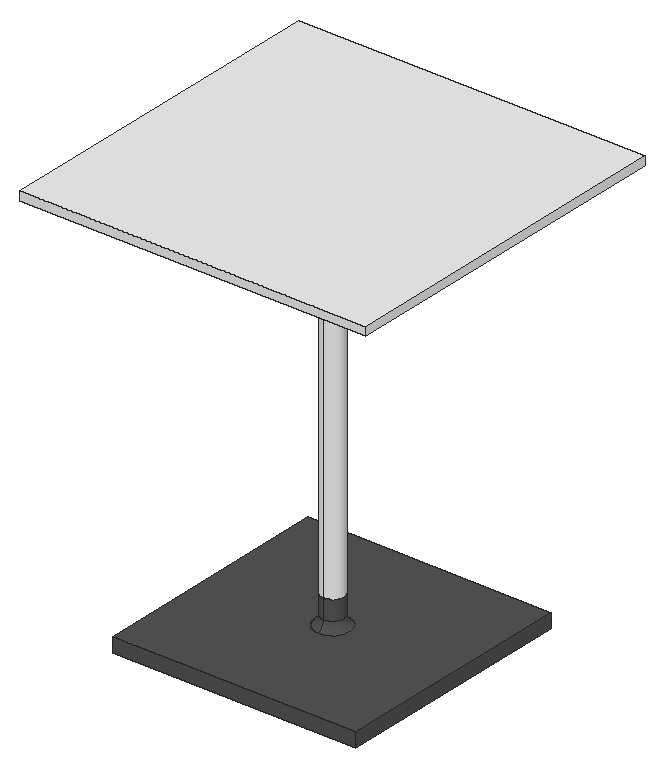
Revit family
Parameters (values of type "CAFESQ-23")
  Width = 23.50"
  Weight (lbs) = 41
  Warranties = "7 Year Warranty"  # constant formula
  URL = "www.emeco.net"
  Trolly for tow Stacks = "N/A"  # constant formula
  Stackable = "Does Not Stack"  # constant formula
  Spinneybeck Volo Leather = "N/A"  # constant formula
  Sound Attenuation Pad = ""
  Product Name = "Square Brushed Café Table"  # constant formula
  Outdoor Warranty = "7 Year Warranty"  # constant formula
  Model = "CAFESQ-23"  # constant formula
  Manufacturer = "Emeco"  # constant formula
  Integrated Felt Glide = "N/A"  # constant formula
  Height = 28.50"
  Frame Material = "EMECO-Recycled Aluminum"  # constant formula
  Frame Finish = EMECO-Hand Brushed
  Fire Retardant Seat Pad = "N/A"  # constant formula
  Fire Retardant = "Certified Acc To Bs And Cal133"  # constant formula
  Depth = 23.50"
  Created by = "Contino"  # constant formula
  Collaborator = ""
  Base Finish = EMECO-Cast Aluminium-Black
  BIFMA = "Yes"  # constant formula
  Assembly Code = "E2020200"
Reference planes (in)
  plane 1 "Back 1": y = 0
  plane 2 "Top/Bottom": z = 0
  plane 3 "Center Left/Right": x = -2.1495
  plane 4 "Left 1": x = -13.8995
  plane 5 "Front 1": y = -23.5
  plane 6 "Right 1": x = 9.6005
  plane 7 "Center Front/Back": y = -11.75
  plane 8 "Top 1": z = 28.5
Forms (in)
  Extrusion 1, solid, material "EMECO-Hand Brushed" <- "Frame Finish"
    sketch origin (0, 0, 0) x (1, 0, 0) y (0, 1, 0)
      loop
        line (-13.8995, 0.06102) -> (-13.8995, -23.56102) -> (9.6005, -23.56102) -> (9.6005, 0.06102) -> (-13.8995, 0.06102)
    from 27.87402 to 28.46457
  Extrusion 2, solid, material "EMECO-Cast Aluminium-Black" <- "Base Finish"
    sketch origin (0, 0, -17.25) x (1, 0, 0) y (0, 1, 0)
      loop
        line (-10.45773, -3.48228) -> (-10.45773, -20.01772) -> (6.0572, -20.01772) -> (6.0572, -3.48228) -> (-10.45773, -3.48228)
    from 17.25 to 18.25
  Revolve 3, solid, material "EMECO-Cast Aluminium-Black" <- "Base Finish"
    sketch origin (-2.1495, 0.08007, -0.00766) x (0, 1, 0) y (0, 0, 1)
      loop
        line (-11.06102, 2.9685) -> (-11.81102, 2.9685) -> (-11.81102, 1.00766) -> (-10.64317, 1.00766)
        arc (-10.64317, 1.00766) -> (-10.96316, 1.2678) -> (-11.11133, 1.65264) r 0.80104
        line (-11.11133, 1.65264) -> (-11.06102, 1.65264) -> (-11.06102, 2.9685)
      axis (-11.81102, 1.00766) -> (-11.81102, 2.9685)
    angle from 0 to 360
  Revolve 4, solid, material "EMECO-Hand Brushed" <- "Frame Finish"
    sketch origin (-2.1495, -0.10883, 28.82321) x (0, 1, 0) y (0, 0, -1)
      loop
        line (-10.87205, 25.86237) -> (-11.62205, 25.86237) -> (-11.62205, 0.95085) -> (-10.27261, 0.95085)
        arc (-10.27261, 0.95085) -> (-10.71176, 1.19203) -> (-10.92172, 1.64694) r 0.80104
        line (-10.92172, 1.64694) -> (-10.87205, 1.64694) -> (-10.87205, 25.86237)
      axis (-11.62205, 0.95085) -> (-11.62205, 25.86237)
    angle from 0 to 360
Lines and regions (in)
  Masking region 1
    outline origin (-2.1495, 0, 0) x (0, 1, 0) y (0, 0, 1)
      loop
        line (0, 28.5) -> (-23.5, 28.5) -> (-23.5, 27.90945) -> (-13.07882, 27.90945)
        arc (-13.07882, 27.90945) -> (-12.64349, 27.67109) -> (-12.47023, 27.206) r 0.71084
        line (-12.47023, 27.206) -> (-12.47023, 1.65264)
        arc (-12.47023, 1.65264) -> (-12.58713, 1.26209) -> (-12.89937, 1) r 0.71084
        line (-12.89937, 1) -> (-20.01772, 1) -> (-20.01772, 0) -> (-3.54331, 0) -> (-3.54331, 1) -> (-10.54108, 1)
        arc (-10.54108, 1) -> (-10.85333, 1.26209) -> (-10.97023, 1.65264) r 0.71084
        line (-10.97023, 1.65264) -> (-10.97023, 27.206)
        arc (-10.97023, 27.206) -> (-10.79696, 27.67109) -> (-10.36163, 27.90945) r 0.71084
        line (-10.36163, 27.90945) -> (0, 27.90945) -> (0, 28.5)
  Masking region 2
    outline origin (0, 0, 0) x (1, 0, 0) y (0, 1, 0)
      loop
        line (9.6005, 0) -> (-13.8995, 0) -> (-13.8995, -23.5) -> (9.6005, -23.5) -> (9.6005, 0)
  Masking region 3
    outline origin (0, 0, 0) x (1, 0, 0) y (0, 0, 1)
      loop
        line (9.6005, 28.5) -> (-13.8995, 28.5) -> (-13.8995, 27.90945) -> (-3.44707, 27.90945)
        arc (-3.44707, 27.90945) -> (-3.01174, 27.67109) -> (-2.83847, 27.206) r 0.71084
        line (-2.83847, 27.206) -> (-2.83847, 1.65264)
        arc (-2.83847, 1.65264) -> (-2.95537, 1.26209) -> (-3.26762, 1) r 0.71084
        line (-3.26762, 1) -> (-10.45773, 1) -> (-10.45773, 0) -> (6.0572, 0) -> (6.0572, 1) -> (-1.03137, 1)
        arc (-1.03137, 1) -> (-1.34362, 1.26209) -> (-1.46052, 1.65264) r 0.71084
        line (-1.46052, 1.65264) -> (-1.46052, 27.206)
        arc (-1.46052, 27.206) -> (-1.28725, 27.67109) -> (-0.85192, 27.90945) r 0.71084
        line (-0.85192, 27.90945) -> (9.6005, 27.90945) -> (9.6005, 28.5)
  symbolic lines
    curve 1: line (-2.1495, -12.79757, 1) -> (-2.1495, -10.08038, 1)
    curve 2: line (-2.1495, -10.97023, 1.65264) -> (-2.1495, -12.47023, 1.65264)
    curve 3: line (-2.1495, -12.47023, 2.9685) -> (-2.1495, -10.97023, 2.9685)
    curve 4: line (-2.1495, -12.79757, 27.87402) -> (-2.1495, -10.08038, 27.87402)
    curve 5: line (-2.1495, -12.89881, 1) -> (-2.1495, -10.54108, 1)
    curve 6: line (-2.1495, -10.97023, 25.85471) -> (-2.1495, -12.47023, 25.85471)
    curve 7: line (-2.1495, -12.47023, 27.17339) -> (-2.1495, -10.97023, 27.17339)
    curve 8: line (-2.1495, -13.08038, 27.90945) -> (-2.1495, -10.35262, 27.90945)
    curve 9: line (-3.26762, 0, 1) -> (-1.03137, 0, 1)
    curve 10: line (-1.46048, 0, 1.64498) -> (-2.83852, 0, 1.64498)
    curve 11: line (-2.83847, 0, 2.96085) -> (-1.4495, 0, 2.96085)
    curve 12: line (-1.4495, 0, 25.85471) -> (-2.83847, 0, 25.85471)
    curve 13: line (-2.83847, 0, 27.17057) -> (-1.46052, 0, 27.17057)
    curve 14: line (-3.44707, 0, 27.90945) -> (-0.7909, 0, 27.90945)
Dimensions and locks (in)
  plane 5 "Front 1" to plane 1 "Back 1" = 23.50"  (x2)
  plane 4 "Left 1" to plane 6 "Right 1" = 23.50"  (x2)
  equal spacing: Extrusion 1, Revolve 3 sketch curve, Extrusion 1
  equal spacing: Masking region 3 sketch curve, plane 3 "Center Left/Right", Masking region 3 sketch curve
  plane 8 "Top 1" to level = 28.50"
  level to plane 8 "Top 1" = 28.50"
  aligned and locked: Masking region 3 to Extrusion 2
